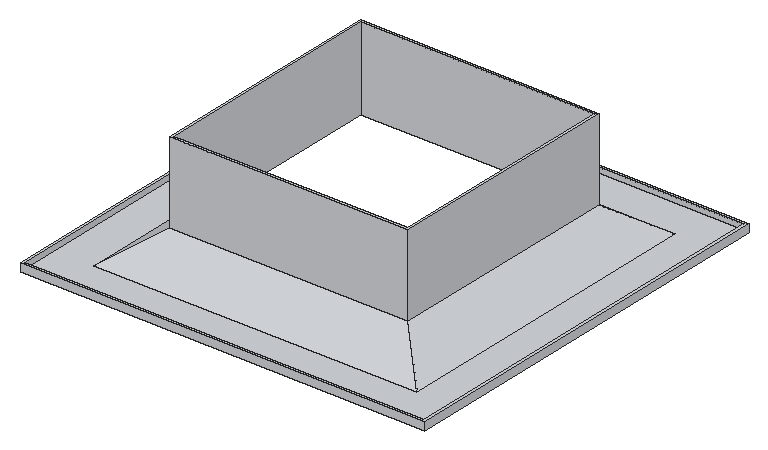
Revit family
Parameters (values of type "QC-S 06x06")
  URL = "http://www.anemostat.com"
  Neck Size = Duct Size - 1/4"  # 5 3/4"
  Model = "QC-S"
  Manufacturer = "Anemostat"
  Duct Size = 6"
  Description = "Modular Core Diffuser, Surface Mounted"
Types (11): name | Neck Size | Duct Size
  (no name) | 5 3/4" | 6"
  QC-S 06x06 | 5 3/4" | 6"
  QC-S 08x08 | 7 3/4" | 8"
  QC-S 10x10 | 9 3/4" | 10"
  QC-S 12x12 | 11 3/4" | 12"
  QC-S 14x14 | 13 3/4" | 14"
  QC-S 16x16 | 15 3/4" | 16"
  QC-S 18x18 | 17 3/4" | 18"
  QC-S 20x20 | 19 3/4" | 20"
  QC-S 22x22 | 21 3/4" | 22"
  QC-S 24x24 | 23 3/4" | 24"
Reference planes (in)
  plane 1 "Center (Front/Back)": y = 0
  plane 2: z = 0
  plane 3 "Center (Left/Right)": x = 0
  plane 4: x = 2.875
  plane 5: x = -2.875
  plane 6: y = 2.875
  plane 7: y = -2.875
Forms (in)
  Sweep 1, solid
    path origin (0, 0, 0) x (1, 0, 0) y (0, 1, 0)
      loop
        line (-2.875, 2.875) -> (-2.875, -2.875) -> (2.875, -2.875) -> (2.875, 2.875) -> (-2.875, 2.875)
    profile origin (0, 2.875, 0) x (0, 1, 0) y (0, 0, 1)
      loop
        line (2.00995, 0) -> (1.95495, 0) -> (1.95495, -0.13309) -> (1.02792, -0.13309) -> (0, 0.5917) -> (0, 2.56301) -> (-0.055, 2.56301) -> (-0.055, 0.56301) -> (1.01009, -0.188) -> (2.00995, -0.188) -> (2.00995, 0)
Dimensions and locks (in)
  equal spacing: plane 4, plane 3 "Center (Left/Right)", plane 5
  "Neck Size": plane 4 to plane 5
  equal spacing: plane 6, plane 1 "Center (Front/Back)", plane 7
  "Neck Size": plane 6 to plane 7
Automatic sketch dimensions
  Sweep 1 sketch curve to plane 5 = 0"
  Sweep 1 sketch curve to plane 4 = 0"
  plane 7 to Sweep 1 sketch curve = 0"
  plane 6 to Sweep 1 sketch curve = 0"
  Sweep 1 sketch curve to profile plane = 0"
  Sweep 1 sketch curve to level = 0"
  profile plane to Sweep 1 sketch curve = 0.055"
  Sweep 1 sketch curve to level = 0.188"
  Sweep 1 sketch curve to profile plane = 1.01009"
  Sweep 1 sketch curve to Sweep 1 sketch curve = 0.01783"
  Sweep 1 sketch curve to level = 0.13309"
  Sweep 1 sketch curve to Sweep 1 sketch curve = 0.92703"
  Sweep 1 sketch curve to Sweep 1 sketch curve = 0.055"
  level to Sweep 1 sketch curve = 0.56301"
  Sweep 1 sketch curve to Sweep 1 sketch curve = 0.0287"
  Sweep 1 sketch curve to Sweep 1 sketch curve = 1.9713"
Connectors (in)
  hvac at (0, 0, 2.56301), driven by "Duct Size", driven by "Duct Size"
    settings: on Sweep 1, index 1
